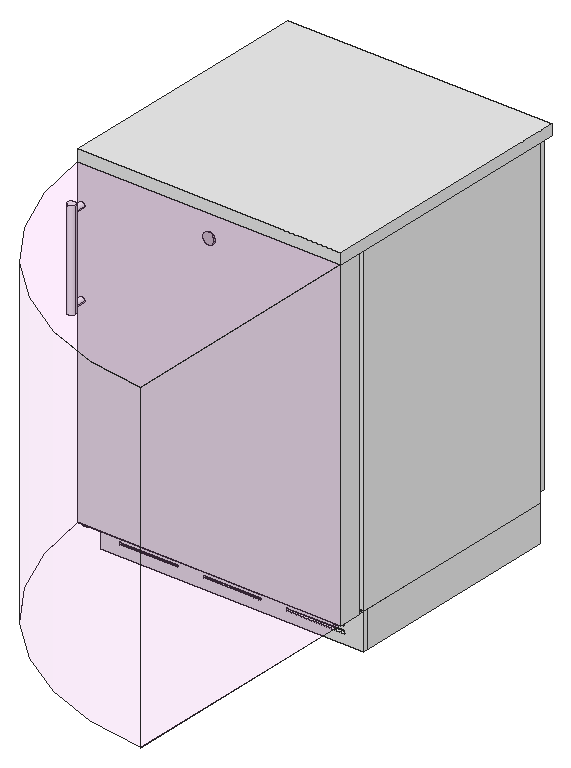
Revit family "QF_Summit_FF7LW_Refrigerator", category Specialty Equipment, Revit 2020
Family settings
  Round Connector Dimension = Use Diameter
  Part Type = Normal
  Work Plane-Based = No
  Always vertical = Yes
  Cut with Voids When Loaded = No
  Shared = No
  Room Calculation Point = No
Parameters
  Weight in Pounds = 100
  Watts = Volts * FL Amps  # 92 W
  Volts = 115 V
  URL Cutsheet = ""
  Specification by User = ""
  Specification by Manufacturer = ""
  Show LHD [instance] = no
  Right Hinged Door [instance] = not(Show LHD)  # yes
  Serial Number = ""
  Seismic Rating = ""
  SMACNA No = ""
  Revision Code = ""
  Refrigerant Volume = 0.00 kip
  Refrigerant Type = "R600a"
  Phase = 1
  Number of Poles = 1
  NAFEM Spec ID Number = ""
  Model = "FF7LW"
  Min Ckt Ampacity = 0 A
  Max Overcurrent Protection = 0 A
  Masterspec = ""
  Manufacturer = "Summit"
  Length = 23 5/8"
  Item Number = ""
  Installed By = ""
  Identify Quantity as Lot = yes
  Height = 33 1/2"
  HP = ""
  Furnished By = ""
  Foodservice Equipment Identifier = yes
  FL Amps = 0.8 A
  Electrical Remarks = ""
  Electric Connection Type = ""
  Elec Conn RI Height = 0"
  Elec Conn Connection Height = 0"
  Description = "Refrigerator"
  Depth = 23 5/8"
  Default Elevation = 0"
  Cycle = 60 Hz
  Conn Plug = ""
  Conn Conduit = yes
  CSI MasterFormat = ""
  BTUH = 0.0 Btu/h
  Apparent Power = if(Phase = 3, Volts * FL Amps * 1.73, Volts * FL Amps)  # 92 VA
Reference planes (in)
  plane 1 "BACK": y = 0
  plane 2: z = 0
  plane 3 "LEFT": x = 0
  plane 4 "RIGHT": x = 23.625
  plane 5 "FRONT": y = -23.625
  plane 6 "TOP": z = 33.5
  plane 7 "Center Y": x = 11.8125
  plane 8 "Center X": y = -11.8125
  plane 9: z = 32.5
  plane 10: y = -25.125
  plane 11: y = -46.125
  plane 12: y = -1.25
  plane 13: y = -21
  plane 14: z = 3.5
  plane 15: z = 0.25
  plane 16: x = 16.625
  plane 17: z = 29.75
Forms (in)
  Extrusion 1, solid, material "QF_Clearances_Door_Drawer", visible <- "Right Hinged Door"
    sketch origin (-5.77638, -180, 3.5) x (0, -1, 0) y (-1, 0, 0)
      loop
        line (-156.375, -29.40138) -> (-133.875, -29.40138)
        arc (-133.875, -29.40138) -> (-140.72578, -13.40614) -> (-156.375, -5.79807) r 24.90887
        line (-156.375, -5.79807) -> (-156.375, -29.40138)
    from 0 to -29
  Extrusion 2, solid, material "QF_Metallic_Paint_White_Smooth"
    sketch origin (-4.07558, -180, 0.375) x (-1, 0, 0) y (0, -1, 0)
      loop
        line (-4.07558, -178.75) -> (-4.07558, -159) -> (-27.70058, -159) -> (-27.70058, -178.75) -> (-4.07558, -178.75)
    from 3.125 to 32.125
  Extrusion 3, solid, material "QF_Metallic_Paint_White_Smooth"
    sketch origin (-5.77638, -180.25, 3.625) x (-1, 0, 0) y (0, -1, 0)
      loop
        line (-5.77638, -156.625) -> (-29.40138, -156.625) -> (-29.40138, -158.61283) -> (-5.77638, -158.61283) -> (-5.77638, -156.625)
    from -0.125 to 28.875
  Extrusion 4, solid, material "QF_Metallic_Paint_White_Smooth"
    sketch origin (23.625, -21.63717, 3.625) x (-1, 0, 0) y (0, 0, 1)
      loop
        line (0.5, 0.375) -> (23.125, 0.375) -> (23.125, 28.375) -> (0.5, 28.375) -> (0.5, 0.375)
    from 0 to 0.63717
  Extrusion 5, solid, material "QF_Metallic_Paint_White_Smooth", visible <- "Right Hinged Door"
    sketch origin (-5.77638, -180, 3.5) x (0, 1, 0) y (1, 0, 0)
      loop
        line (159, 29.27619) -> (156.87717, 29.27619)
        arc (156.87717, 29.27619) -> (156.46088, 28.95386) -> (156.66871, 28.47012) r 0.42999
        line (156.66871, 28.47012) -> (159, 27.61413) -> (159, 29.27619)
    from 0 to 0.125
  Extrusion 6, solid, material "QF_Metallic_Paint_White_Smooth"
    sketch origin (-12.48311, -21, 48.125) x (-1, 0, 0) y (0, 0, 1)
      loop
        line (-12.48311, -44.625) -> (-36.10811, -44.625) -> (-36.10811, -47.875) -> (-12.48311, -47.875) -> (-12.48311, -44.625)
      loop
        line (-14.18872, -45.26011) -> (-19.43872, -45.26011) -> (-19.43872, -45.51011) -> (-14.18872, -45.51011) -> (-14.18872, -45.26011)
      loop
        line (-14.18872, -45.76011) -> (-19.43872, -45.76011) -> (-19.43872, -46.01011) -> (-14.18872, -46.01011) -> (-14.18872, -45.76011)
      loop
        line (-14.18872, -46.26011) -> (-19.43872, -46.26011) -> (-19.43872, -46.51011) -> (-14.18872, -46.51011) -> (-14.18872, -46.26011)
      loop
        line (-14.18872, -46.76011) -> (-19.43872, -46.76011) -> (-19.43872, -47.01011) -> (-14.18872, -47.01011) -> (-14.18872, -46.76011)
      loop
        line (-21.67061, -45.26011) -> (-26.92061, -45.26011) -> (-26.92061, -45.51011) -> (-21.67061, -45.51011) -> (-21.67061, -45.26011)
      loop
        line (-21.67061, -45.76011) -> (-26.92061, -45.76011) -> (-26.92061, -46.01011) -> (-21.67061, -46.01011) -> (-21.67061, -45.76011)
      loop
        line (-21.67061, -46.26011) -> (-26.92061, -46.26011) -> (-26.92061, -46.51011) -> (-21.67061, -46.51011) -> (-21.67061, -46.26011)
      loop
        line (-21.67061, -46.76011) -> (-26.92061, -46.76011) -> (-26.92061, -47.01011) -> (-21.67061, -47.01011) -> (-21.67061, -46.76011)
      loop
        line (-34.40249, -45.26011) -> (-34.40249, -45.51011) -> (-29.15249, -45.51011) -> (-29.15249, -45.26011) -> (-34.40249, -45.26011)
      loop
        line (-34.40249, -45.76011) -> (-34.40249, -46.01011) -> (-29.15249, -46.01011) -> (-29.15249, -45.76011) -> (-34.40249, -45.76011)
      loop
        line (-34.40249, -46.26011) -> (-34.40249, -46.51011) -> (-29.15249, -46.51011) -> (-29.15249, -46.26011) -> (-34.40249, -46.26011)
      loop
        line (-34.40249, -46.76011) -> (-34.40249, -47.01011) -> (-29.15249, -47.01011) -> (-29.15249, -46.76011) -> (-34.40249, -46.76011)
    from 0 to 0.25
  Extrusion 7, solid, material "QF_Metallic_Paint_White_Smooth"
    sketch origin (-12.48311, -1, 48.125) x (-1, 0, 0) y (0, 0, 1)
      loop
        line (-12.48311, -44.625) -> (-36.10811, -44.625) -> (-36.10811, -47.875) -> (-12.48311, -47.875) -> (-12.48311, -44.625)
    from -19.75 to -0.25
  Extrusion 8, solid, material "QF_Metallic_Paint_White_Smooth"
    sketch origin (0, 0, 0.125) x (1, 0, 0) y (0, 1, 0)
      loop
        circle (3.1104, -19) r 0.5
      loop
        circle (3.1104, -3.25) r 0.5
      loop
        circle (19.67791, -19) r 0.5
      loop
        circle (19.67791, -3.25) r 0.5
    from -0.125 to 0.125
  Extrusion 9, solid, material "QF_Metal_Stainless_Polished"
    sketch origin (-1.83669, -1.25, 0.375) x (1, 0, 0) y (0, 0, -1)
      loop
        circle (17.46169, -0.84684) r 0.25
    from 0 to 0.25
  Extrusion 10, solid, material "QF_Metallic_Paint_White_Smooth"
    sketch origin (0, -0.75, 17.875) x (0, -1, 0) y (1, 0, 0)
      loop
        line (-0.52396, 0.5) -> (0.5, 0.5) -> (0.5, 23.125) -> (-0.52396, 23.125) -> (-0.52396, 0.5)
    from -13.875 to 14.625
  Extrusion 11, solid, material "QF_Metallic_Paint_White_Smooth"
    sketch origin (-38.39759, -180, 33.5) x (-1, 0, 0) y (0, -1, 0)
      loop
        line (-38.39759, -180) -> (-38.39759, -156.375) -> (-62.02259, -156.375) -> (-62.02259, -180) -> (-38.39759, -180)
    from 0 to -1
  Extrusion 12, solid, material "QF_Metal_Stainless_Polished"
    sketch origin (0, -23.625, 4.625) x (1, 0, 0) y (0, 0, 1)
      loop
        circle (11.8125, 25.875) r 0.5
    from 0 to 0.0625
  Extrusion 13, solid, material "QF_Metallic_Paint_White_Smooth"
    sketch origin (29.40138, -180, 3.5) x (0, -1, 0) y (-1, 0, 0)
      loop
        line (-159, 29.27619) -> (-159, 27.61413) -> (-156.66871, 28.47012)
        arc (-156.66871, 28.47012) -> (-156.46088, 28.95386) -> (-156.87717, 29.27619) r 0.42999
        line (-156.87717, 29.27619) -> (-159, 29.27619)
    from 0 to 0.125
  Extrusion 14, solid, material "QF_Clearances_Door_Drawer", visible <- "Show LHD"
    sketch origin (29.40138, -180, 3.5) x (0, 1, 0) y (1, 0, 0)
      loop
        line (156.375, -29.40138) -> (156.375, -5.79807)
        arc (156.375, -5.79807) -> (140.72578, -13.40614) -> (133.875, -29.40138) r 24.90887
        line (133.875, -29.40138) -> (156.375, -29.40138)
    from 0 to -29
  Extrusion 15, solid, material "QF_Metallic_Paint_White_Smooth", visible <- "Right Hinged Door"
    sketch origin (-4.33192, -180.875, 21) x (-1, 0, 0) y (0, -1, 0)
      loop
        circle (-4.68895, -156.10703) r 0.35703
    from 0 to 8.75
  Extrusion 16, solid, material "QF_Metallic_Paint_White_Smooth", visible <- "Show LHD"
    sketch origin (27.95692, -180.875, 21) x (1, 0, 0) y (0, 1, 0)
      loop
        circle (-4.68895, 156.10703) r 0.35703
    from 0 to 8.75
  Extrusion 17, solid, material "QF_Metallic_Paint_White_Smooth", visible <- "Right Hinged Door"
    sketch origin (-223.896, -23.625, 3) x (1, 0, 0) y (0, 0, -1)
      loop
        circle (224.25303, -26.12436) r 0.25
      loop
        circle (224.25303, -18.50617) r 0.25
    from 0 to -1
  Extrusion 18, solid, material "QF_Metallic_Paint_White_Smooth", visible <- "Show LHD"
    sketch origin (247.521, -23.625, 3) x (-1, 0, 0) y (0, 0, 1)
      loop
        circle (224.25303, 26.12436) r 0.25
      loop
        circle (224.25303, 18.50617) r 0.25
    from 0 to -1
Lines and regions (in)
  symbolic lines
    curve 1: line (0, 0, 0) -> (23.625, 0, 0)
    curve 2: line (0, -23.625, 0) -> (0, 0, 0)
    curve 3: line (23.625, -23.625, 0) -> (0, -23.625, 0)
    curve 4: line (23.625, 0, 0) -> (23.625, -23.625, 0)
    curve 10: line (22.82515, -24.82472, 0) -> (22.82515, -23.625, 0)
    curve 11: line (23.42572, -24.82472, 0) -> (23.42572, -23.625, 0)
    curve 12: arc (23.42572, -24.82472, 0) -> (23.12543, -25.125, 0) -> (22.82515, -24.82472, 0) r 0.30028
  symbolic lines, visible <- "Right Hinged Door"
    curve 5: line (0.79985, -24.82472, 0) -> (0.79985, -23.625, 0)
    curve 6: line (0.19928, -24.82472, 0) -> (0.19928, -23.625, 0)
    curve 7: arc (0.19928, -24.82472, 0) -> (0.49957, -25.125, 0) -> (0.79985, -24.82472, 0) r 0.30028
  symbolic lines, style "QF_Clearances_Door_Drawer", visible <- "Right Hinged Door"
    curve 8: line (23.625, -23.625, 0) -> (4.01506, -34.94681, 0)
    curve 9: arc (4.01506, -34.94681, 0) -> (1.32607, -29.53009, 0) -> (0.02169, -23.625, 0) r 24.90887
  symbolic lines, style "QF_Clearances_Door_Drawer"
    curve 13: line (0, -23.625, 0) -> (19.60994, -34.94681, 0)
    curve 14: arc (19.60994, -34.94681, 0) -> (22.29893, -29.53009, 0) -> (23.60331, -23.625, 0) r 24.90887
Dimensions and locks (in)
  equal spacing: plane 3 "LEFT", plane 7 "Center Y", plane 4 "RIGHT"
  "Length": plane 3 "LEFT" to plane 4 "RIGHT"
  equal spacing: plane 5 "FRONT", plane 8 "Center X", plane 1 "BACK"
  "Depth": plane 5 "FRONT" to plane 1 "BACK"
  "Height": plane 6 "TOP" to level
  plane 4 "RIGHT" to plane 3 "LEFT" = 23 5/8"
  locked: plane 6 "TOP" to plane 9 at 1
  locked: plane 10 to plane 5 "FRONT" at 1.5
  plane 1 "BACK" to plane 12 = 1 1/4"
  plane 9 to plane 2 = 32 1/2"
  plane 11 to plane 1 "BACK" = 46 1/8"
  plane 14 to plane 15 = 3 1/4"
  plane 15 to plane 2 = 1/4"
  plane 12 to plane 13 = 19 3/4"
  aligned and locked: level to plane 2
Automatic sketch dimensions
  curve 2 to plane 3 "LEFT" = 0"
  plane 5 "FRONT" to curve 9 = 0"
  plane 5 "FRONT" to curve 6 = 0"
  plane 5 "FRONT" to curve 14 = 0"
  curve 3 to plane 4 "RIGHT" = 0"
  plane 1 "BACK" to curve 2 = 0"
  curve 14 to plane 13 = 0.24465"
  curve 14 to plane 3 "LEFT" = 1.19156"
  plane 3 "LEFT" to curve 6 = 0.19928"
  curve 6 to curve 7 = 0.30028"
  plane 3 "LEFT" to curve 8 = 4.01506"
  curve 13 to plane 16 = 2.98494"
  plane 4 "RIGHT" to curve 10 = 0.79985"
  curve 10 to curve 12 = 0.30028"
  curve 9 to plane 13 = 0.24465"
  curve 9 to plane 4 "RIGHT" = 1.19156"
  plane 10 to curve 7 = 0.30028"
  plane 10 to curve 12 = 0.30028"
  curve 8 to plane 10 = 9.82181"
  curve 13 to plane 10 = 9.82181"
  plane 5 "FRONT" to Extrusion 1 sketch curve = 0"
  Extrusion 1 sketch curve to plane 4 "RIGHT" = 0"
  Extrusion 1 sketch curve to plane 11 = 0"
  Extrusion 1 sketch curve to plane 13 = 0.24465"
  plane 3 "LEFT" to Extrusion 1 sketch curve = 0.02169"
  Extrusion 2 sketch curve to plane 4 "RIGHT" = 0"
  Extrusion 2 sketch curve to plane 3 "LEFT" = 0"
  Extrusion 2 sketch curve to plane 12 = 0"
  Extrusion 2 sketch curve to plane 13 = 0"
  Extrusion 3 sketch curve to plane 4 "RIGHT" = 0"
  Extrusion 3 sketch curve to plane 3 "LEFT" = 0"
  plane 5 "FRONT" to Extrusion 3 sketch curve = 0"
  Extrusion 3 sketch curve to plane 13 = 0.63717"
  Extrusion 3 to Extrusion 4 sketch curve = 1/2"  (x3)
  Extrusion 4 sketch curve to Extrusion 3 = 1/2"
  Extrusion 5 sketch curve to plane 13 = 0"
  Extrusion 5 sketch curve to plane 5 "FRONT" = 0.50217"
  Extrusion 5 sketch curve to plane 5 "FRONT" = 0.29371"
  plane 4 "RIGHT" to Extrusion 5 sketch curve = 0.12518"
  Extrusion 5 sketch curve to Extrusion 5 sketch curve = 0.42999"
  Extrusion 5 sketch curve to Extrusion 5 sketch curve = 1.66207"
  plane 4 "RIGHT" to Extrusion 6 sketch curve = 0"
  Extrusion 6 sketch curve to plane 3 "LEFT" = 0"
  Extrusion 6 sketch curve to plane 15 = 0"
  Extrusion 6 sketch curve to plane 14 = 0"
  plane 4 "RIGHT" to Extrusion 6 sketch curve = 1.70562"
  Extrusion 6 sketch curve to Extrusion 6 sketch curve = 0"  (x15)
  Extrusion 6 sketch curve to plane 16 = 0.04438"  (x4)
  plane 15 to Extrusion 6 sketch curve = 0.86489"  (x2)
  plane 16 to Extrusion 6 sketch curve = 2 3/16"
  Extrusion 6 sketch curve to plane 14 = 1.13511"
  Extrusion 6 sketch curve to plane 7 "Center Y" = 2 5/8"
  plane 15 to Extrusion 6 sketch curve = 1.11489"
  Extrusion 6 sketch curve to Extrusion 6 sketch curve = 2.23188"
  plane 3 "LEFT" to Extrusion 6 sketch curve = 1.70562"
  Extrusion 6 sketch curve to Extrusion 6 sketch curve = 1/4"  (x20)
  plane 4 "RIGHT" to Extrusion 7 sketch curve = 0"
  Extrusion 7 sketch curve to plane 3 "LEFT" = 0"
  Extrusion 7 sketch curve to plane 15 = 0"
  Extrusion 7 sketch curve to plane 14 = 0"
  plane 3 "LEFT" to Extrusion 8 sketch curve = 3.1104"  (x2)
  Extrusion 8 sketch curve to plane 16 = 3.05291"  (x2)
  plane 13 to Extrusion 8 sketch curve = 2"  (x2)
  Extrusion 8 sketch curve to plane 12 = 2"  (x2)
  Extrusion 9 sketch curve to Extrusion 2 = 2.27816"
  Extrusion 9 sketch curve to Extrusion 2 = 8"
  Extrusion 10 sketch curve to plane 12 = 0"
  plane 1 "BACK" to Extrusion 10 sketch curve = 0.22604"
  plane 3 "LEFT" to Extrusion 10 sketch curve = 1/2"
  plane 4 "RIGHT" to Extrusion 10 sketch curve = 1/2"
  plane 1 "BACK" to Extrusion 11 sketch curve = 0"
  Extrusion 11 sketch curve to plane 4 "RIGHT" = 0"
  Extrusion 11 sketch curve to plane 3 "LEFT" = 0"
  plane 5 "FRONT" to Extrusion 11 sketch curve = 0"
  Extrusion 3 to Extrusion 12 sketch curve = 2"
  Extrusion 3 to Extrusion 12 sketch curve = 11 13/16"
  Extrusion 13 sketch curve to plane 13 = 0"
  plane 3 "LEFT" to Extrusion 13 sketch curve = 0.12518"
  Extrusion 13 sketch curve to plane 5 "FRONT" = 0.50217"
  Extrusion 13 sketch curve to plane 5 "FRONT" = 0.29371"
  Extrusion 13 sketch curve to Extrusion 13 sketch curve = 0.42999"
  Extrusion 13 sketch curve to Extrusion 13 sketch curve = 1.66207"
  Extrusion 14 sketch curve to plane 3 "LEFT" = 0"
  Extrusion 14 sketch curve to plane 11 = 0"
  plane 5 "FRONT" to Extrusion 14 sketch curve = 0"
  Extrusion 14 sketch curve to plane 13 = 0.24465"
  plane 4 "RIGHT" to Extrusion 14 sketch curve = 0.02169"
  plane 3 "LEFT" to Extrusion 15 sketch curve = 0.35703"
  plane 5 "FRONT" to Extrusion 15 sketch curve = 1.14297"
  Extrusion 16 sketch curve to Extrusion 16 sketch curve = 0"  (x2)
  Extrusion 16 sketch curve to plane 4 "RIGHT" = 0"
  Extrusion 16 sketch curve to Extrusion 16 sketch curve = 0.35703"
  plane 5 "FRONT" to Extrusion 16 sketch curve = 1.14297"
  plane 3 "LEFT" to Extrusion 17 sketch curve = 0.35703"  (x2)
  plane 14 to Extrusion 17 sketch curve = 25.62436"
  plane 15 to Extrusion 17 sketch curve = 21.25617"
  plane 4 "RIGHT" to Extrusion 18 sketch curve = 0.35703"  (x2)
  plane 15 to Extrusion 18 sketch curve = 21.25617"
  plane 14 to Extrusion 18 sketch curve = 25.62436"
  radius of Extrusion 8 sketch curve = 1/2"  (x4)
  radius of Extrusion 9 sketch curve = 1/4"
  radius of Extrusion 12 sketch curve = 1/2"
  radius of Extrusion 15 sketch curve = 0.35703"
  radius of Extrusion 17 sketch curve = 1/4"  (x2)
  radius of Extrusion 18 sketch curve = 1/4"  (x2)
Connectors (in)
  electrical at (15.625, -1, 1.22184), driven by "Volts", driven by "Watts"
    settings: on Extrusion 9, index 3, voltage 115 V, apparent load 92 VA, apparent load phase1 0 VA, apparent load phase2 0 VA, apparent load phase3 0 VA, power factor 1, load classification "Other", number of poles 1, system type 30, power factor state 1, is connector primary yes, connector utility no, sub classification motor no, connector description ""
